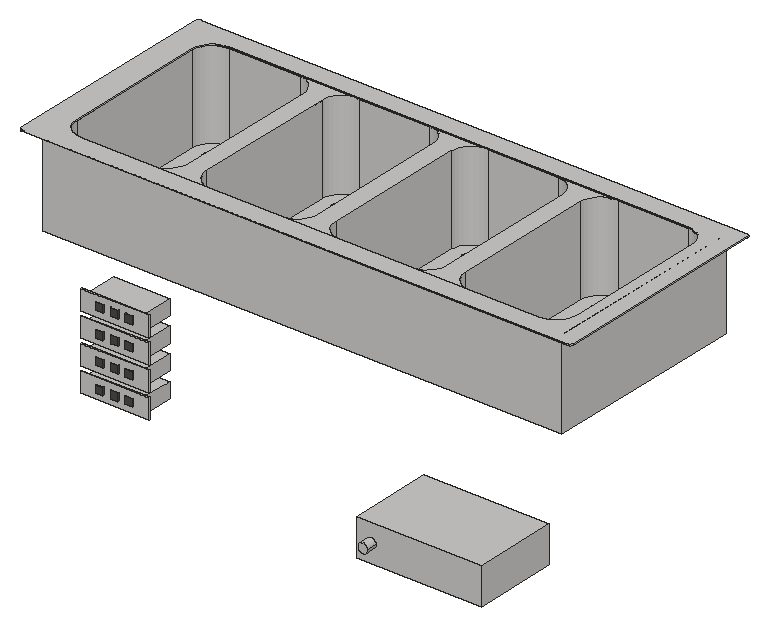
Revit family "QF_ELECTROLUXPROFESSIONAL_341007_D02H4", category Specialty Equipment, Revit 2018
Family settings
  Round Connector Dimension = Use Diameter
  Part Type = Normal
  Work Plane-Based = No
  Always vertical = Yes
  Cut with Voids When Loaded = Yes
  Shared = No
  Room Calculation Point = No
Parameters
  Weight = 39.30 kg
  Watts = 0 W
  Volts = 0 V
  URL Manufacturer = ""
  URL = ""
  Steam Supply Size = 0 mm
  Steam Supply Minimum Pressure = 0.0 Pa
  Steam Supply Maximum Pressure = 0.0 Pa
  Steam Pounds per Hour = 0
  Show Clearance [instance] = yes
  Remote Electrical Box_Z [instance] = 200.00 mm
  Remote Electrical Box_X [instance] = 1000.00 mm
  Remote Electrical Box_Y [instance] = 500.00 mm
  Refrigeration Suction Line Size = 0 mm
  Refrigeration Liquid Line Size = 0 mm
  Refrigerant Compressor Remote = yes
  Manufacturer = ""
  Phase = 0
  Model = ""
  Length Actual = 1500.00 mm  # constant formula
  Item Number = ""
  Hot Water Size = 0 mm
  Height Actual = 260.00 mm  # constant formula
  HP = "0 HP"
  Gas Size = 0 mm
  Gas KW = 0
  Gas Input Pressure = 0 W
  Direct Waste Size = 25.4 mm
  Description = ""
  Depth Actual = 620.00 mm  # constant formula
  Cycle = 0 Hz
  Controller_Vertical [instance] = not(Controller_Horizontal)  # yes
  Controller_Horizontal [instance] = no
  Controller_4X [instance] = if(Controller_Horizontal, Controller_1X + 612.00 mm, Controller_1X)  # 300.00 mm
  Controller_4Z [instance] = if(Controller_Vertical, Controller_1Z - 201.00 mm, Controller_1Z)  # 399.00 mm
  Controller_3Z [instance] = if(Controller_Vertical, Controller_1Z - 134.00 mm, Controller_1Z)  # 466.00 mm
  Controller_3X [instance] = if(Controller_Horizontal, Controller_1X + 408.00 mm, Controller_1X)  # 300.00 mm
  Controller_2Z [instance] = if(Controller_Vertical, Controller_1Z - 67.00 mm, Controller_1Z)  # 533.00 mm
  Controller_2X [instance] = if(Controller_Horizontal, Controller_1X + 204.00 mm, Controller_1X)  # 300.00 mm
  Controller_1Z [instance] = 600.00 mm
  Controller_Y [instance] = 350.00 mm
  Controller_1X [instance] = 300.00 mm
  Condensate Return Size = 0 mm
  Compressed Air Volume = 0.0 L/s
  Compressed Air Size = 0 mm
  Compressed Air Pressure = 0.0 Pa
  Cold Water Size = 0 mm
  Accessory = yes
Types (2, lengths in mm): name | Volts | URL Manufacturer | URL | Manufacturer | Phase | Model | Item Number | Description | Cycle
  (no name) | 0 V | "" | "" | "" | 0 | "" | "" | "" | 0 Hz
  Standard | 380 V | "http://professional.electrolux.com" | "http://professional.electrolux.com" | "Electrolux Professional" | 3 | "D02H4" | "341007" | "DROP-IN BAIN-MARIE, WATER, FOUR WELLS,4GN" | 60 Hz
Reference planes
  plane 1 "Centro (Fronte/Retro)": y = 74.737
  plane 2: z = 0
  plane 3 "BACK": y = 379.737
  plane 4 "FRONT": y = -230.263
  plane 5 "RIGHT": x = 235.731
  plane 6 "LEFT": x = -1264.269
  plane 7: x = -514.269
  plane 8 "TOP": z = 900
  plane 9: y = 352.537
  plane 10: y = -203.063
  plane 11: x = 190.781
  plane 12: x = -1219.319
  plane 13: y = 326.237
  plane 14: y = -176.763
  plane 15: x = -1193.019
  plane 16: x = 164.481
  plane 17: z = 898
  plane 18: z = 656.4
  plane 19: z = 659.4
  plane 20: x = -890.019
  plane 21: x = -138.519
  plane 22: x = -841.519
  plane 23: x = -538.519
  plane 24: x = -490.019
  plane 25: x = -187.019
  plane 26: z = 600
  plane 27: z = 533
  plane 28: z = 466
  plane 29: z = 399
  plane 30: z = 200
  plane 31: x = -264.269
  plane 32: y = -120.263
  plane 33: x = -964.269
  plane 34: y = -275.263
  plane 35: x = -964.269
  plane 36: x = -964.269
  plane 37: x = -964.269
Forms (mm)
  Extrusion 1, solid, material "QF_Finishes_Stainless Steel"
    sketch origin (0, 0, 900) x (-1, 0, 0) y (0, -1, 0)
      loop
        arc (1254.269, -379.737) -> (1261.34, -376.808) -> (1264.269, -369.737) r 10
        line (1264.269, -369.737) -> (1264.269, 220.263)
        arc (1264.269, 220.263) -> (1261.34, 227.334) -> (1254.269, 230.263) r 10
        line (1254.269, 230.263) -> (-225.731, 230.263)
        arc (-225.731, 230.263) -> (-232.802, 227.334) -> (-235.731, 220.263) r 10
        line (-235.731, 220.263) -> (-235.731, -369.737)
        arc (-235.731, -369.737) -> (-232.802, -376.808) -> (-225.731, -379.737) r 10
        line (-225.731, -379.737) -> (1254.269, -379.737)
      loop
        arc (1137.019, -326.237) -> (1176.617, -309.835) -> (1193.019, -270.237) r 56
        line (1193.019, -270.237) -> (1193.019, 120.763)
        arc (1193.019, 120.763) -> (1176.617, 160.361) -> (1137.019, 176.763) r 56
        line (1137.019, 176.763) -> (-108.481, 176.763)
        arc (-108.481, 176.763) -> (-148.079, 160.361) -> (-164.481, 120.763) r 56
        line (-164.481, 120.763) -> (-164.481, -270.237)
        arc (-164.481, -270.237) -> (-148.079, -309.835) -> (-108.481, -326.237) r 56
        line (-108.481, -326.237) -> (1137.019, -326.237)
    from 0 to -2
  Extrusion 2, solid, material "QF_Finishes_Stainless Steel"
    sketch origin (0, 0, 900) x (-1, 0, 0) y (0, -1, 0)
      loop
        line (-190.781, -352.537) -> (1219.319, -352.537) -> (1219.319, 203.063) -> (-190.781, 203.063) -> (-190.781, -352.537)
    from -2 to -243.6
  Extrusion 3, void
    sketch origin (0, 0, 900) x (-1, 0, 0) y (0, -1, 0)
      loop
        line (1193.019, -270.237) -> (1193.019, 120.763)
        arc (1193.019, 120.763) -> (1176.617, 160.361) -> (1137.019, 176.763) r 56
        line (1137.019, 176.763) -> (946.019, 176.763)
        arc (946.019, 176.763) -> (906.421, 160.361) -> (890.019, 120.763) r 56
        line (890.019, 120.763) -> (890.019, -270.237)
        arc (890.019, -270.237) -> (906.421, -309.835) -> (946.019, -326.237) r 56
        line (946.019, -326.237) -> (1137.019, -326.237)
        arc (1137.019, -326.237) -> (1176.617, -309.835) -> (1193.019, -270.237) r 56
      loop
        arc (-164.481, -270.237) -> (-148.079, -309.835) -> (-108.481, -326.237) r 56
        line (-108.481, -326.237) -> (82.519, -326.237)
        arc (82.519, -326.237) -> (122.117, -309.835) -> (138.519, -270.237) r 56
        line (138.519, -270.237) -> (138.519, 120.763)
        arc (138.519, 120.763) -> (122.117, 160.361) -> (82.519, 176.763) r 56
        line (82.519, 176.763) -> (-108.481, 176.763)
        arc (-108.481, 176.763) -> (-148.079, 160.361) -> (-164.481, 120.763) r 56
        line (-164.481, 120.763) -> (-164.481, -270.237)
      loop
        arc (538.519, -270.237) -> (554.921, -309.835) -> (594.519, -326.237) r 56
        line (594.519, -326.237) -> (785.519, -326.237)
        arc (785.519, -326.237) -> (825.117, -309.835) -> (841.519, -270.237) r 56
        line (841.519, -270.237) -> (841.519, 120.763)
        arc (841.519, 120.763) -> (825.117, 160.361) -> (785.519, 176.763) r 56
        line (785.519, 176.763) -> (594.519, 176.763)
        arc (594.519, 176.763) -> (554.921, 160.361) -> (538.519, 120.763) r 56
        line (538.519, 120.763) -> (538.519, -270.237)
      loop
        arc (187.019, -270.237) -> (203.421, -309.835) -> (243.019, -326.237) r 56
        line (243.019, -326.237) -> (434.019, -326.237)
        arc (434.019, -326.237) -> (473.617, -309.835) -> (490.019, -270.237) r 56
        line (490.019, -270.237) -> (490.019, 120.763)
        arc (490.019, 120.763) -> (473.617, 160.361) -> (434.019, 176.763) r 56
        line (434.019, 176.763) -> (243.019, 176.763)
        arc (243.019, 176.763) -> (203.421, 160.361) -> (187.019, 120.763) r 56
        line (187.019, 120.763) -> (187.019, -270.237)
    from 0 to -240.6
  Extrusion 4, void
    sketch origin (-1036.537, 0, 900) x (1, 0, 0) y (0, 1, 0)
      loop
        circle (-103.481, 265.237) r 18
    from -315.366 to -240.6
  Extrusion 5, void
    sketch origin (-540.5, 0, 900) x (-1, 0, 0) y (0, -1, 0)
      loop
        circle (248.019, -265.237) r 18
    from -315.366 to -240.6
  Extrusion 6, void
    sketch origin (-289, 0, 900) x (-1, 0, 0) y (0, -1, 0)
      loop
        circle (148.019, -265.237) r 18
    from -315.366 to -240.6
  Extrusion 7, solid, material "QF_Finishes_Stainless Steel"
    sketch origin (-116.75, -3.5, 656.4) x (0, -1, 0) y (-1, 0, 0)
      loop
        circle (-268.737, 320.269) r 18
    from 0 to 12
  Extrusion 8, solid, material "QF_Finishes_Stainless Steel"
    sketch origin (-368.25, -3.5, 656.4) x (0, -1, 0) y (-1, 0, 0)
      loop
        circle (-268.737, 420.269) r 18
    from 0 to 12
  Extrusion 9, solid, material "QF_Finishes_Stainless Steel"
    sketch origin (-719.75, -3.5, 656.4) x (0, -1, 0) y (-1, 0, 0)
      loop
        circle (-268.737, 420.269) r 18
    from 0 to 12
  Extrusion 10, solid, material "QF_Finishes_Stainless Steel"
    sketch origin (334.75, -3.5, 656.4) x (0, -1, 0) y (-1, 0, 0)
      loop
        circle (-268.737, 420.269) r 18
    from 0 to 12
  Extrusion 11, void
    sketch origin (162.5, 0, 900) x (-1, 0, 0) y (0, -1, 0)
      loop
        circle (248.019, -265.237) r 18
    from -315.366 to -240.6
  Extrusion 12, void
    sketch origin (0, 0, 0) x (1, 0, 0) y (0, 1, 0)
      loop
        line (-1219.319, -203.063) -> (190.781, -203.063) -> (190.781, 352.537) -> (-1219.319, 352.537) -> (-1219.319, -203.063)
    from 656.4 to 898
Cuts and joins
  Extrusion 3, Extrusion 4, Extrusion 5, Extrusion 6, Extrusion 11 cuts Extrusion 2
  Extrusion 11 cuts Extrusion 7
Lines and regions (mm)
  symbolic lines
    curve 1: line (225.731, 379.737, 900) -> (-1254.269, 379.737, 900)
    curve 2: arc (-1254.269, 379.737, 900) -> (-1261.34, 376.808, 900) -> (-1264.269, 369.737, 900) r 10
    curve 3: line (-1264.269, 369.737, 900) -> (-1264.269, -220.263, 900)
    curve 4: arc (-1264.269, -220.263, 900) -> (-1261.34, -227.334, 900) -> (-1254.269, -230.263, 900) r 10
    curve 5: line (-1254.269, -230.263, 900) -> (225.731, -230.263, 900)
    curve 6: arc (225.731, -230.263, 900) -> (232.802, -227.334, 900) -> (235.731, -220.263, 900) r 10
    curve 7: line (235.731, -220.263, 900) -> (235.731, 369.737, 900)
    curve 8: arc (235.731, 369.737, 900) -> (232.802, 376.808, 900) -> (225.731, 379.737, 900) r 10
    curve 9: arc (-1122.019, 265.237, 900) -> (-1140.019, 247.237, 900) -> (-1158.019, 265.237, 900) r 18
    curve 10: arc (-1158.019, 265.237, 900) -> (-1140.019, 283.237, 900) -> (-1122.019, 265.237, 900) r 18
    curve 11: arc (-1193.019, 270.237, 900) -> (-1176.617, 309.835, 900) -> (-1137.019, 326.237, 900) r 56
    curve 12: arc (-890.019, 270.237, 900) -> (-906.421, 309.835, 900) -> (-946.019, 326.237, 900) r 56
    curve 13: line (-890.019, -120.763, 900) -> (-890.019, 270.237, 900)
    curve 14: arc (-946.019, -176.763, 900) -> (-906.421, -160.361, 900) -> (-890.019, -120.763, 900) r 56
    curve 15: arc (-1137.019, -176.763, 900) -> (-1176.617, -160.361, 900) -> (-1193.019, -120.763, 900) r 56
    curve 16: line (-1193.019, -120.763, 900) -> (-1193.019, 270.237, 900)
    curve 17: line (-138.519, 270.237, 900) -> (-138.519, -120.763, 900)
    curve 18: line (164.481, 270.237, 900) -> (164.481, -120.763, 900)
    curve 19: arc (164.481, -120.763, 900) -> (148.079, -160.361, 900) -> (108.481, -176.763, 900) r 56
    curve 20: arc (-138.519, -120.763, 900) -> (-122.117, -160.361, 900) -> (-82.519, -176.763, 900) r 56
    curve 21: arc (-82.519, 326.237, 900) -> (-122.117, 309.835, 900) -> (-138.519, 270.237, 900) r 56
    curve 22: arc (108.481, 326.237, 900) -> (148.079, 309.835, 900) -> (164.481, 270.237, 900) r 56
    curve 23: line (-1137.019, 326.237, 900) -> (-946.019, 326.237, 900)
    curve 24: line (-82.519, 326.237, 900) -> (108.481, 326.237, 900)
    curve 25: line (-1137.019, -176.763, 900) -> (-946.019, -176.763, 900)
    curve 26: line (-82.519, -176.763, 900) -> (108.481, -176.763, 900)
    curve 27: arc (-770.519, 265.237, 900) -> (-788.519, 247.237, 900) -> (-806.519, 265.237, 900) r 18
    curve 28: arc (-806.519, 265.237, 900) -> (-788.519, 283.237, 900) -> (-770.519, 265.237, 900) r 18
    curve 29: line (-841.519, 270.237, 900) -> (-841.519, -120.763, 900)
    curve 30: line (-538.519, 270.237, 900) -> (-538.519, -120.763, 900)
    curve 31: arc (-538.519, -120.763, 900) -> (-554.921, -160.361, 900) -> (-594.519, -176.763, 900) r 56
    curve 32: arc (-841.519, -120.763, 900) -> (-825.117, -160.361, 900) -> (-785.519, -176.763, 900) r 56
    curve 33: arc (-785.519, 326.237, 900) -> (-825.117, 309.835, 900) -> (-841.519, 270.237, 900) r 56
    curve 34: arc (-594.519, 326.237, 900) -> (-554.921, 309.835, 900) -> (-538.519, 270.237, 900) r 56
    curve 35: line (-785.519, 326.237, 900) -> (-594.519, 326.237, 900)
    curve 36: line (-785.519, -176.763, 900) -> (-594.519, -176.763, 900)
    curve 37: arc (-419.019, 265.237, 900) -> (-437.019, 247.237, 900) -> (-455.019, 265.237, 900) r 18
    curve 38: arc (-455.019, 265.237, 900) -> (-437.019, 283.237, 900) -> (-419.019, 265.237, 900) r 18
    curve 39: line (-490.019, 270.237, 900) -> (-490.019, -120.763, 900)
    curve 40: line (-187.019, 270.237, 900) -> (-187.019, -120.763, 900)
    curve 41: arc (-187.019, -120.763, 900) -> (-203.421, -160.361, 900) -> (-243.019, -176.763, 900) r 56
    curve 42: arc (-490.019, -120.763, 900) -> (-473.617, -160.361, 900) -> (-434.019, -176.763, 900) r 56
    curve 43: arc (-434.019, 326.237, 900) -> (-473.617, 309.835, 900) -> (-490.019, 270.237, 900) r 56
    curve 44: arc (-243.019, 326.237, 900) -> (-203.421, 309.835, 900) -> (-187.019, 270.237, 900) r 56
    curve 45: line (-434.019, 326.237, 900) -> (-243.019, 326.237, 900)
    curve 46: line (-434.019, -176.763, 900) -> (-243.019, -176.763, 900)
    curve 47: arc (-67.519, 265.237, 900) -> (-85.519, 247.237, 900) -> (-103.519, 265.237, 900) r 18
    curve 48: arc (-103.519, 265.237, 900) -> (-85.519, 283.237, 900) -> (-67.519, 265.237, 900) r 18
  symbolic lines, style "SpecialityEquipmentHiddenLines"
    curve 49: line (-1219.319, 352.537, 900) -> (-1219.319, -203.063, 900)
    curve 50: line (190.781, 352.537, 900) -> (-1219.319, 352.537, 900)
    curve 51: line (190.781, -203.063, 900) -> (190.781, 352.537, 900)
    curve 52: line (-1219.319, -203.063, 900) -> (190.781, -203.063, 900)
Dimensions and locks
  plane 6 "LEFT" to plane 5 "RIGHT" = 1500.00 mm
  equal spacing: plane 3 "BACK", plane 1 "Centro (Fronte/Retro)", plane 4 "FRONT"
  plane 3 "BACK" to plane 4 "FRONT" = 610.00 mm
  equal spacing: plane 6 "LEFT", plane 7, plane 5 "RIGHT"
  locked: plane 8 "TOP" to plane 2 at 900
  plane 11 to plane 5 "RIGHT" = 44.95 mm
  locked: plane 3 "BACK" to plane 9 at 27.2
  locked: plane 10 to plane 4 "FRONT" at 27.2
  locked: plane 3 "BACK" to plane 13 at 53.5
  locked: plane 14 to plane 4 "FRONT" at 53.5
  plane 6 "LEFT" to plane 15 = 71.25 mm
  plane 16 to plane 5 "RIGHT" = 71.25 mm
  locked: plane 8 "TOP" to plane 17 at 2
  locked: plane 8 "TOP" to plane 18 at 243.6
  locked: plane 19 to plane 18 at 3
  plane 11 to plane 12 = 1410.10 mm
  plane 6 "LEFT" to plane 12 = 44.95 mm
  plane 12 to plane 11 = 1410.10 mm
  plane 9 to plane 10 = 555.60 mm
  "Controller_1Z": plane 26 to plane 2
  "Controller_2Z": plane 27 to level
  "Controller_3Z": plane 28 to level
  "Controller_4Z": plane 29 to level
  "Remote Electrical Box_Z": plane 30 to plane 2
  curve 28 to curve 7 = 1024.25 mm
  curve 38 to curve 7 = 672.75 mm
  curve 48 to curve 7 = 321.25 mm
  locked: cut or joined group of Extrusion 2, Extrusion 3, Extrusion 4, Extrusion 5, Extrusion 6, Extrusion 11 to cut or joined group of Extrusion 2, Extrusion 3, Extrusion 4, Extrusion 5, Extrusion 6, Extrusion 11 at 48.5  (x3)
  "Remote Electrical Box_X": plane 6 "LEFT" to plane 31
  "Remote Electrical Box_Y": plane 3 "BACK" to plane 32
  "Controller_1X": plane 6 "LEFT" to plane 33
  "Controller_Y": plane 1 "Centro (Fronte/Retro)" to plane 34
  "Controller_2X": plane 6 "LEFT" to plane 35
  "Controller_3X": plane 6 "LEFT" to plane 36
  "Controller_4X": plane 6 "LEFT" to plane 37
  aligned and locked: level to plane 2
  aligned and locked: Extrusion 1 sketch curve to plane 3 "BACK"
  aligned and locked: plane 6 "LEFT" to Extrusion 1 sketch curve
  aligned and locked: plane 4 "FRONT" to Extrusion 1 sketch curve
  aligned and locked: Extrusion 1 sketch curve to plane 5 "RIGHT"
  aligned and locked: Extrusion 1 sketch curve to plane 13
  aligned and locked: plane 15 to Extrusion 1 sketch curve
  aligned and locked: Extrusion 1 sketch curve to plane 14
  aligned and locked: Extrusion 1 sketch curve to plane 16
  aligned and locked: Extrusion 1 to plane 17
  aligned and locked: Extrusion 2 sketch curve to plane 9
  aligned and locked: plane 11 to Extrusion 2 sketch curve
  aligned and locked: Extrusion 2 sketch curve to plane 10
  aligned and locked: Extrusion 2 sketch curve to plane 12
  aligned and locked: Extrusion 2 to plane 18
  aligned and locked: Extrusion 2 to Extrusion 1
  aligned and locked: Extrusion 3 sketch curve to Extrusion 1  (x2)
  aligned and locked: Extrusion 1 to Extrusion 3 sketch curve
  aligned and locked: Extrusion 3 to plane 19
  aligned and locked: Extrusion 3 sketch curve to plane 20
  aligned and locked: plane 33 to nested 3
  aligned and locked: plane 35 to nested 4
  aligned and locked: plane 36 to nested 5
  aligned and locked: plane 37 to nested 6
  aligned and locked: plane 32 to nested 2
  aligned and locked: nested 3 to plane 34
  aligned and locked: nested 4 to plane 34
  aligned and locked: nested 5 to plane 34
  aligned and locked: nested 6 to plane 34
  aligned and locked: plane 26 to nested 3
  aligned and locked: plane 27 to nested 4
  aligned and locked: plane 29 to nested 6
  aligned and locked: plane 28 to nested 5
  aligned and locked: plane 31 to nested 2
  aligned and locked: nested 2 to plane 32
  aligned and locked: plane 30 to nested 2
Automatic sketch dimensions
  Extrusion 1 sketch curve to plane 5 "RIGHT" = 10.00 mm  (x2)
  Extrusion 1 sketch curve to plane 16 = 56.00 mm
  Extrusion 1 sketch curve to Extrusion 1 sketch curve = 56.00 mm
  plane 14 to Extrusion 1 sketch curve = 56.00 mm
  plane 15 to Extrusion 1 sketch curve = 56.00 mm
  Extrusion 1 sketch curve to plane 3 "BACK" = 10.00 mm
  Extrusion 1 sketch curve to Extrusion 1 sketch curve = 10.00 mm
  Extrusion 3 sketch curve to plane 16 = 0.00 mm
  plane 13 to Extrusion 3 sketch curve = 0.00 mm
  plane 14 to Extrusion 3 sketch curve = 0.00 mm
  Extrusion 3 sketch curve to plane 21 = 0.00 mm
  Extrusion 3 sketch curve to plane 25 = 0.00 mm
  Extrusion 3 sketch curve to plane 14 = 0.00 mm  (x2)
  Extrusion 3 sketch curve to plane 23 = 0.00 mm
  Extrusion 3 sketch curve to plane 13 = 0.00 mm  (x2)
  Extrusion 3 sketch curve to plane 22 = 0.00 mm
  Extrusion 3 sketch curve to plane 13 = 56.00 mm
  Extrusion 3 sketch curve to Extrusion 3 sketch curve = 56.00 mm  (x7)
  plane 21 to Extrusion 3 sketch curve = 56.00 mm  (x2)
  plane 14 to Extrusion 3 sketch curve = 56.00 mm  (x3)
  Extrusion 3 sketch curve to plane 20 = 56.00 mm
  plane 15 to Extrusion 3 sketch curve = 56.00 mm
  curve 7 to plane 5 "RIGHT" = 0.00 mm
  curve 8 to plane 3 "BACK" = 0.00 mm
  curve 5 to plane 4 "FRONT" = 0.00 mm
  plane 10 to curve 51 = 0.00 mm
  curve 51 to plane 11 = 0.00 mm
  curve 18 to plane 16 = 0.00 mm
  plane 13 to curve 24 = 0.00 mm
  plane 14 to curve 19 = 0.00 mm
  curve 20 to plane 21 = 0.00 mm
  curve 40 to plane 25 = 0.00 mm
  curve 46 to plane 14 = 0.00 mm
  curve 45 to plane 13 = 0.00 mm
  curve 43 to plane 24 = 0.00 mm
  curve 30 to plane 23 = 0.00 mm
  curve 31 to plane 14 = 0.00 mm
  curve 35 to plane 13 = 0.00 mm
  curve 29 to plane 22 = 0.00 mm
  curve 12 to plane 20 = 0.00 mm
  curve 25 to plane 14 = 0.00 mm
  curve 12 to plane 13 = 0.00 mm
  curve 15 to plane 15 = 0.00 mm
  curve 49 to plane 12 = 0.00 mm
  curve 3 to plane 6 "LEFT" = 0.00 mm
  plane 9 to curve 50 = 0.00 mm
  plane 4 "FRONT" to curve 6 = 10.00 mm
  curve 8 to curve 8 = 10.00 mm
  curve 24 to plane 16 = 56.00 mm
  curve 18 to curve 19 = 56.00 mm
  plane 21 to curve 24 = 56.00 mm
  curve 20 to curve 17 = 56.00 mm
  curve 46 to plane 25 = 56.00 mm
  curve 45 to plane 25 = 56.00 mm
  curve 43 to curve 37 = 3.00 mm
  curve 35 to plane 23 = 56.00 mm
  plane 14 to curve 31 = 56.00 mm
  curve 25 to plane 20 = 56.00 mm
  curve 12 to curve 12 = 56.00 mm
  plane 15 to curve 23 = 56.00 mm
  plane 15 to curve 25 = 56.00 mm
  plane 6 "LEFT" to curve 1 = 10.00 mm
  plane 6 "LEFT" to curve 5 = 10.00 mm
  curve 43 to curve 37 = 5.00 mm
  curve 11 to curve 9 = 5.00 mm
  curve 21 to curve 47 = 5.00 mm
  curve 33 to curve 27 = 5.00 mm
  curve 48 to curve 21 = 15.00 mm
  curve 37 to curve 43 = 15.00 mm
  curve 10 to curve 11 = 15.00 mm
  Extrusion 4 sketch curve to plane 15 = 53.00 mm
  plane 13 to Extrusion 4 sketch curve = 61.00 mm
  Extrusion 5 sketch curve to plane 13 = 61.00 mm
  Extrusion 6 sketch curve to plane 13 = 61.00 mm
  Extrusion 7 sketch curve to plane 13 = 61.00 mm
  Extrusion 8 sketch curve to plane 13 = 61.00 mm
  Extrusion 8 sketch curve to Extrusion 8 sketch curve = 18.00 mm
  Extrusion 9 sketch curve to Extrusion 9 sketch curve = 0.00 mm  (x2)
  Extrusion 9 sketch curve to plane 13 = 61.00 mm
  plane 15 to Extrusion 9 sketch curve = 53.00 mm
  Extrusion 9 sketch curve to Extrusion 9 sketch curve = 18.00 mm
  Extrusion 10 sketch curve to Extrusion 10 sketch curve = 0.00 mm  (x2)
  Extrusion 10 sketch curve to plane 13 = 61.00 mm
  plane 21 to Extrusion 10 sketch curve = 53.00 mm
  Extrusion 10 sketch curve to Extrusion 10 sketch curve = 18.00 mm
  plane 21 to Extrusion 11 sketch curve = 53.00 mm
  Extrusion 11 sketch curve to plane 13 = 61.00 mm
  Extrusion 3 sketch curve to plane 24 = 0.00 mm
  curve 42 to curve 39 = 56.00 mm
  Extrusion 6 sketch curve to plane 25 = 250.00 mm
  Extrusion 7 sketch curve to Extrusion 7 sketch curve = 0.00 mm
  Extrusion 7 sketch curve to plane 25 = 250.00 mm
  Extrusion 7 sketch curve to Extrusion 7 sketch curve = 18.00 mm
  plane 22 to Extrusion 3 sketch curve = 56.00 mm
  plane 22 to curve 35 = 56.00 mm
  curve 27 to curve 33 = 15.00 mm
  plane 22 to Extrusion 5 sketch curve = 53.00 mm
  Extrusion 8 sketch curve to Extrusion 8 sketch curve = 0.00 mm
  plane 22 to Extrusion 8 sketch curve = 53.00 mm
  plane 14 to curve 32 = 56.00 mm
  curve 9 to curve 10 = 0.00 mm
  curve 11 to curve 10 = 3.00 mm
  Extrusion 12 sketch curve to plane 10 = 0.00 mm
  Extrusion 12 sketch curve to plane 12 = 0.00 mm
  Extrusion 12 sketch curve to plane 11 = 0.00 mm
  Extrusion 12 sketch curve to plane 9 = 0.00 mm
  radius of Extrusion 4 sketch curve = 18.00 mm
  radius of Extrusion 5 sketch curve = 18.00 mm
  radius of Extrusion 6 sketch curve = 18.00 mm
  radius of Extrusion 11 sketch curve = 18.00 mm
Nested families
  nested 1: "Sun" at (55.731, -40.263, 900), type "Sun"
  nested 2: "Remote_Electrical_Box" at (-264.269, -5.263, 100), type "Remote_Electrical_Box"
  nested 3: "Controller" at (-964.269, -275.263, 600), type "Controller"
  nested 4: "Controller" at (-964.269, -275.263, 533), type "Controller"
  nested 5: "Controller" at (-964.269, -275.263, 466), type "Controller"
  nested 6: "Controller" at (-964.269, -275.263, 399), type "Controller"
Connectors
  piping at (-437.019, 265.237, 644.4), diameter 36
    settings: on Extrusion 7, index 8, connector inside diameter 609.6 mm, connector length 0.00 mm, flow factor 0, pipe flow 0.0 L/s, pressure drop 0.0 Pa, fitting loss kfactor 0, connector angle 0.00°, fixture units 0, engagement length 0.00 mm, angle of deflection 0.00°, flow configuration 1, flow direction 2, fitting loss method 0, system type 16, joint type 0, gender type 0, connector reference index -1, connector utility 0, adjustable connector no, is connector primary yes, connector description ""
  piping at (-788.519, 265.237, 644.4), diameter 36
    settings: on Extrusion 8, index 9, connector inside diameter 609.6 mm, connector length 0.00 mm, flow factor 0, pipe flow 0.0 L/s, pressure drop 0.0 Pa, fitting loss kfactor 0, connector angle 0.00°, fixture units 0, engagement length 0.00 mm, angle of deflection 0.00°, flow configuration 1, flow direction 2, fitting loss method 0, system type 16, joint type 0, gender type 0, connector reference index -1, connector utility 0, adjustable connector no, is connector primary no, connector description ""
  piping at (-1140.019, 265.237, 644.4), diameter 36
    settings: on Extrusion 9, index 10, connector inside diameter 609.6 mm, connector length 0.00 mm, flow factor 0, pipe flow 0.0 L/s, pressure drop 0.0 Pa, fitting loss kfactor 0, connector angle 0.00°, fixture units 0, engagement length 0.00 mm, angle of deflection 0.00°, flow configuration 1, flow direction 2, fitting loss method 0, system type 16, joint type 0, gender type 0, connector reference index -1, connector utility 0, adjustable connector no, is connector primary no, connector description ""
  piping at (-437.019, 265.237, 644.4), diameter 36
    settings: on Extrusion 7, index 11, connector inside diameter 609.6 mm, connector length 0.00 mm, flow factor 0, pipe flow 0.0 L/s, pressure drop 0.0 Pa, fitting loss kfactor 0, connector angle 0.00°, fixture units 0, engagement length 0.00 mm, angle of deflection 0.00°, flow configuration 1, flow direction 2, fitting loss method 0, system type 16, joint type 0, gender type 0, connector reference index -1, connector utility 0, adjustable connector no, is connector primary no, connector description ""
  piping at (-437.019, 265.237, 644.4), diameter 36
    settings: on Extrusion 7, index 12, connector inside diameter 609.6 mm, connector length 0.00 mm, flow factor 0, pipe flow 0.0 L/s, pressure drop 0.0 Pa, fitting loss kfactor 0, connector angle 0.00°, fixture units 0, engagement length 0.00 mm, angle of deflection 0.00°, flow configuration 1, flow direction 2, fitting loss method 0, system type 16, joint type 0, gender type 0, connector reference index -1, connector utility 0, adjustable connector no, is connector primary no, connector description ""
  piping at (-437.019, 265.237, 644.4), diameter 36
    settings: on Extrusion 7, index 13, connector inside diameter 609.6 mm, connector length 0.00 mm, flow factor 0, pipe flow 0.0 L/s, pressure drop 0.0 Pa, fitting loss kfactor 0, connector angle 0.00°, fixture units 0, engagement length 0.00 mm, angle of deflection 0.00°, flow configuration 1, flow direction 2, fitting loss method 0, system type 16, joint type 0, gender type 0, connector reference index -1, connector utility 0, adjustable connector no, is connector primary no, connector description ""
  piping at (-85.519, 265.237, 644.4), diameter 36
    settings: on Extrusion 10, index 14, connector inside diameter 609.6 mm, connector length 0.00 mm, flow factor 0, pipe flow 0.0 L/s, pressure drop 0.0 Pa, fitting loss kfactor 0, connector angle 0.00°, fixture units 0, engagement length 0.00 mm, angle of deflection 0.00°, flow configuration 1, flow direction 2, fitting loss method 0, system type 16, joint type 0, gender type 0, connector reference index -1, connector utility 0, adjustable connector no, is connector primary no, connector description ""
  piping at (-85.519, 265.237, 644.4), diameter 36
    settings: on Extrusion 10, index 15, connector inside diameter 609.6 mm, connector length 0.00 mm, flow factor 0, pipe flow 0.0 L/s, pressure drop 0.0 Pa, fitting loss kfactor 0, connector angle 0.00°, fixture units 0, engagement length 0.00 mm, angle of deflection 0.00°, flow configuration 1, flow direction 2, fitting loss method 0, system type 16, joint type 0, gender type 0, connector reference index -1, connector utility 0, adjustable connector no, is connector primary no, connector description ""
  piping at (-85.519, 265.237, 644.4), diameter 36
    settings: on Extrusion 10, index 16, connector inside diameter 609.6 mm, connector length 0.00 mm, flow factor 0, pipe flow 0.0 L/s, pressure drop 0.0 Pa, fitting loss kfactor 0, connector angle 0.00°, fixture units 0, engagement length 0.00 mm, angle of deflection 0.00°, flow configuration 1, flow direction 2, fitting loss method 0, system type 16, joint type 0, gender type 0, connector reference index -1, connector utility 0, adjustable connector no, is connector primary no, connector description ""
  piping at (-85.519, 265.237, 644.4), diameter 36
    settings: on Extrusion 10, index 17, connector inside diameter 609.6 mm, connector length 0.00 mm, flow factor 0, pipe flow 0.0 L/s, pressure drop 0.0 Pa, fitting loss kfactor 0, connector angle 0.00°, fixture units 0, engagement length 0.00 mm, angle of deflection 0.00°, flow configuration 1, flow direction 2, fitting loss method 0, system type 16, joint type 0, gender type 0, connector reference index -1, connector utility 0, adjustable connector no, is connector primary no, connector description ""
  electrical at (-394.269, -147.263, 149.381)
    settings: on nested 2, index 18, voltage 0 V, apparent load 0 VA, apparent load phase1 0 VA, apparent load phase2 0 VA, apparent load phase3 0 VA, power factor 1, load classification "Altro", number of poles 1, system type 31, power factor state 1, is connector primary yes, connector utility no, sub classification motor no, connector description ""
Definition of nested family "Remote_Electrical_Box"
  Parameters (values of type "Scatola connessioni_340")
    Default Elevation = 1219.20 mm
  Reference planes
    plane 1 "Center (Front/Back)": y = 0
    plane 2: z = 0
    plane 3 "Center (Left/Right)": x = 0
    plane 4: x = -170
    plane 5: x = 170
    plane 6: y = 115
    plane 7: y = -115
    plane 8: z = 100
    plane 9: z = 50
  Forms (mm)
    Extrusion 1, solid
      sketch origin (0, 0, 0) x (1, 0, 0) y (0, 1, 0)
        loop
          line (-170, 115) -> (-170, -115) -> (170, -115) -> (170, 115) -> (-170, 115)
      from 0 to 100
    Extrusion 2, solid
      sketch origin (0, 0, 0) x (1, 0, 0) y (0, 0, 1)
        loop
          circle (-130, 49.381) r 13
      from 115 to 142
  Lines and regions (mm)
    symbolic lines
      curve 1: line (-170, 115, 0) -> (170, 115, 0)
      curve 2: line (-170, -115, 0) -> (-170, 115, 0)
      curve 3: line (170, -115, 0) -> (-170, -115, 0)
      curve 4: line (170, 115, 0) -> (170, -115, 0)
      curve 5: line (-143, -142, 0) -> (-117, -142, 0)
      curve 6: line (-143, -142, 0) -> (-143, -115, 0)
      curve 7: line (-117, -142, 0) -> (-117, -115, 0)
  Dimensions and locks
    equal spacing: plane 4, plane 3 "Center (Left/Right)", plane 5
    equal spacing: plane 6, plane 1 "Center (Front/Back)", plane 7
    plane 4 to plane 5 = 340.00 mm
    plane 6 to plane 7 = 230.00 mm
    Extrusion 1 to Extrusion 2 sketch curve = 40.00 mm
    equal spacing: plane 8, plane 9, plane 2
    aligned and locked: level to plane 2
    aligned and locked: Extrusion 1 sketch curve to plane 6
    aligned and locked: plane 4 to Extrusion 1 sketch curve
    aligned and locked: plane 7 to Extrusion 1 sketch curve
    aligned and locked: Extrusion 1 sketch curve to plane 5
    aligned and locked: plane 7 to Extrusion 2
    aligned and locked: plane 8 to Extrusion 1
  Automatic sketch dimensions
    level to Extrusion 2 sketch curve = 49.381 mm
    curve 3 to plane 4 = 0.00 mm
    curve 7 to plane 7 = 0.00 mm
    curve 3 to plane 5 = 0.00 mm
    curve 2 to plane 6 = 0.00 mm
    plane 4 to curve 6 = 27.00 mm
    curve 5 to curve 6 = 27.00 mm
    curve 6 to curve 7 = 26.00 mm
    radius of Extrusion 2 sketch curve = 13.00 mm
Definition of nested family "Controller"
  Reference planes
    plane 1 "Center (Front/Back)": y = 0
    plane 2: z = 0
    plane 3 "Center (Left/Right)": x = 0
  Forms (mm)
    Extrusion 1, solid
      sketch origin (0, 44.769, -48.2) x (1, 0, 0) y (0, 1, 0)
        loop
          line (-76, 43.231) -> (-76, -47.65) -> (76, -47.65) -> (76, 43.231) -> (-76, 43.231)
      from 6.2 to 48.2
    Extrusion 2, solid
      sketch origin (0, 44.769, -48.2) x (1, 0, 0) y (0, 0, 1)
        loop
          line (-92.25, 54.4) -> (-92.25, 0) -> (92.25, 0) -> (92.25, 54.4) -> (-92.25, 54.4)
        loop
          line (-76, 48.2) -> (-76, 6.2) -> (76, 6.2) -> (76, 48.2) -> (-76, 48.2)
      from 44.769 to 47.65
    Extrusion 3, solid
      sketch origin (76, -2.881, -48.2) x (-1, 0, 0) y (0, 0, -1)
        loop
          line (106, -37.2) -> (126, -37.2) -> (126, -17.2) -> (106, -17.2) -> (106, -37.2)
        loop
          line (66, -37.2) -> (86, -37.2) -> (86, -17.2) -> (66, -17.2) -> (66, -37.2)
        loop
          line (26, -37.2) -> (46, -37.2) -> (46, -17.2) -> (26, -17.2) -> (26, -37.2)
      from 0 to 2
    Extrusion 4, void
      sketch origin (0, 0, 0) x (1, 0, 0) y (0, 1, 0)
        loop
          line (76, 88) -> (-76, 88) -> (-76, 0) -> (76, 0) -> (76, 88)
      from 0 to -42
  Cuts and joins
    Extrusion 4 cuts Extrusion 2
    joined: Extrusion 1, Extrusion 2
  Lines and regions (mm)
    symbolic lines
      curve 1: line (-76, 88, 0) -> (-76, 0, 0)
      curve 2: line (76, 88, 0) -> (-76, 88, 0)
      curve 3: line (76, 0, 0) -> (76, 88, 0)
      curve 4: line (-92.25, -2.881, 0) -> (92.25, -2.881, 0)
      curve 5: line (-92.25, 0, 0) -> (-92.25, -2.881, 0)
      curve 6: line (92.25, 0, 0) -> (-92.25, 0, 0)
      curve 7: line (92.25, -2.881, 0) -> (92.25, 0, 0)
  Dimensions and locks
    aligned and locked: level to plane 2
Definition of nested family "Sun"
  Reference planes
    plane 1 "Center (Front/Back)": y = 0
    plane 2: z = 0
    plane 3 "Center (Left/Right)": x = 0
  Lines and regions (mm)
    detail lines, in view "Ref. Level"
      curve 1: circle (0, 0, 0) r 35 normal (0, 0, 1)
      curve 2: line (-18, 31.177, 0) -> (-30, 51.962, 0)
      curve 3: line (0, 36, 0) -> (0, 60, 0)
      curve 4: line (18, 31.177, 0) -> (30, 51.962, 0)
      curve 5: line (31.177, 18, 0) -> (51.962, 30, 0)
      curve 6: line (36, 0, 0) -> (60, 0, 0)
      curve 7: line (31.177, -18, 0) -> (51.962, -30, 0)
      curve 8: line (18, -31.177, 0) -> (30, -51.962, 0)
      curve 9: line (0, -36, 0) -> (0, -60, 0)
      curve 10: line (-18, -31.177, 0) -> (-30, -51.962, 0)
      curve 11: line (-31.177, -18, 0) -> (-51.962, -30, 0)
      curve 12: line (-36, 0, 0) -> (-60, 0, 0)
      curve 13: line (-31.177, 18, 0) -> (-51.962, 30, 0)
